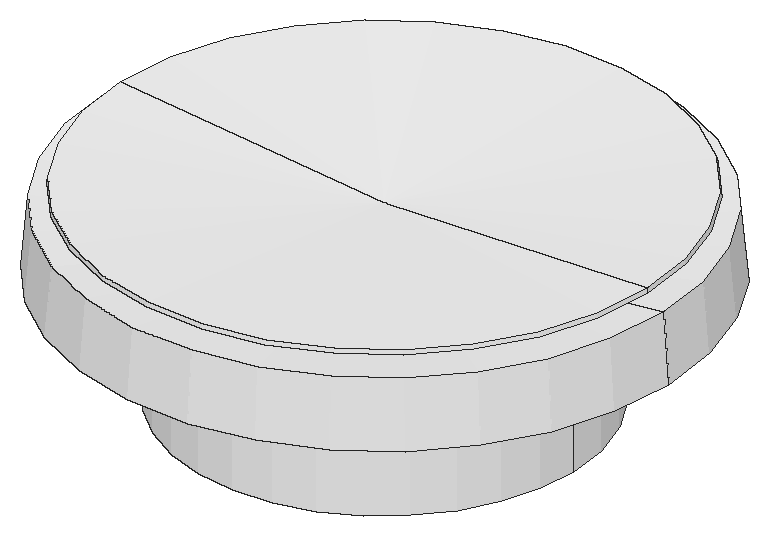
Revit family "CADS_AIRFLOWdev_Airvalve_PlasticAdjustable125mm_Supply", category Air Terminals, host Face, Revit 2015
Parameters (values of type "CADS_AIRFLOWdev_Airvalve_PlasticAdjustable125mm_Supply")
  WeeklyMaintenance = "N/A"
  WarrantyStartDate [instance] = "1900-12-31T23:59:187"
  WarrantyPeriod = "0"
  WarrantyIdentifier = "N/A"
  WarrantyGuarantorParts = "info@airflow.com"
  WarrantyGuarantorLabor = "info@airflow.com"
  WarrantyGuarantor = "Airflow Developments Ltd"
  WarrantyEndDate [instance] = "1900-12-31T23:59:187"
  WarrantyContent = "N/A"
  Uniclass2015 = "Pr_65_70_46_07"
  TemperatureRange = "up to 40°C"
  TagNumber [instance] = "N/A"
  SustainabilityPerformance = "N/A"
  Status = "New"
  Size = "60 x 180 x 180"
  ShippingWeight = 0.24 kg
  Shape = "Round"
  ServiceLifeType = "EXPECTEDSERVICELIFE"
  ServiceLifeDuration = "10"
  SerialNumber [instance] = "N/A"
  SAPApproval = yes
  RunID = "0"  # constant formula
  ReplacementCost = "19.872"
  RedDotDesignAward = no
  QuarterlyMaintenance = "N/A"
  Quantity = 1
  ProductionYear = "2017"
  ProductLiterature = "https://www.airflow.com/pdf/Accessories.pdf#page=13"
  PointOfContact = "Airflow Developments Ltd"
  PassiveHouseApproval = no
  NominalWidth = 180 mm
  NominalLength = 180 mm
  NominalHeight = 60 mm
  NBSCode = "90-75-50/370 Air terminals;"
  MonthlyMaintenance = "N/A"
  ModelReference [instance] = "90000339"
  ModelLabel [instance] = "Plastic Adjustable Air Valve Supply"
  Material = "Plastic"
  ManufacturerWebsite = "www.airflow.com"
  ManufacturerTelephone = "01494 525252"
  ManufacturerE-Mail = "info@airflow.com"
  ManufacturerAddress = "Aidelle House\nLancaster Road\nCressex Business Park\nHigh Wycombe\nBucks\nHP123QP"
  Manufacturer = "Airflow Developments Ltd"
  MaintenanceRequired8001to12000hrs = "N/A"
  MaintenanceRequired601to1000hrs = "N/A"
  MaintenanceRequired4001to8000hrs = "N/A"
  MaintenanceRequired301to600hrs = "N/A"
  MaintenanceRequired2001to4000hrs = "N/A"
  MaintenanceRequired1001to2000hrs = "N/A"
  MaintenanceRequired0to300hrs = "N/A"
  IsExtendedWarranty = no
  InstallationDate [instance] = "1900-12-31T23:59:187"
  ISO90001 = yes
  ISO140001 = yes
  GrossWeight = 0.20 kg
  Grade = "Virgin"
  GlobalTradeItemNumber [instance] = "5019009312965"
  Flow [instance] = 0.0 L/s
  Fitting Type = "Ignore"
  FireControlPanelLinks = no
  Finish = "Lacquer"
  Features = "Plastic Adjustable Air Valve Supply"
  ExpectedServiceLife = 10
  Exclusions = "N/A"
  DurationUnit = "Year"
  Default Elevation = 1219.2 mm
  DailyMaintenance = "N/A"
  Constituents = "Plastic Adjustable Air Valve Supply"
  Color = "White"
  CodePerformance = "N/A"
  CEApproval = yes
  CADS_Index = 0
  BespokeTimeFrameMaintenance = "N/A"
  AssetType = "FIXED"
  AssetIdentifier [instance] = "N/A"
  AssemblyPlace = "UNKNOWN"
  ArticleNumber [instance] = "N/A"
  AnnualMaintenance = "N/A"
  AccessibilityPerformance = "N/A"
  6MonthlyMaintenance = "Visually inspect system, clean the fan and ducting if necessary"
Types (2, lengths in mm): name | RedDotDesignAward | PassiveHouseApproval | NominalWidth | NominalLength | NominalHeight | IsExtendedWarranty | FireControlPanelLinks
  (no name) | yes | yes | 0 | 0 | 0 | yes | yes
  CADS_AIRFLOWdev_Airvalve_PlasticAdjustable125mm_Supply | no | no | 180 | 180 | 60 | no | no
Values of the unnamed type that differ from the named types
  WeeklyMaintenance = ""
  WarrantyStartDate = ""
  WarrantyPeriod = ""
  WarrantyIdentifier = ""
  WarrantyGuarantorParts = ""
  WarrantyGuarantorLabor = ""
  WarrantyGuarantor = ""
  WarrantyEndDate = ""
  WarrantyContent = ""
  Uniclass2015 = ""
  TemperatureRange = ""
  TagNumber = ""
  SustainabilityPerformance = ""
  Status = ""
  Size = ""
  ShippingWeight = 0.00 kg
  Shape = ""
  ServiceLifeType = ""
  ServiceLifeDuration = ""
  SerialNumber = ""
  ReplacementCost = ""
  QuarterlyMaintenance = ""
  Quantity = 0
  ProductionYear = ""
  ProductLiterature = ""
  PointOfContact = ""
  NBSCode = ""
  MonthlyMaintenance = ""
  ModelReference = ""
  ModelLabel = ""
  Material = ""
  ManufacturerWebsite = ""
  ManufacturerTelephone = ""
  ManufacturerE-Mail = ""
  ManufacturerAddress = ""
  MaintenanceRequired8001to12000hrs = ""
  MaintenanceRequired601to1000hrs = ""
  MaintenanceRequired4001to8000hrs = ""
  MaintenanceRequired301to600hrs = ""
  MaintenanceRequired2001to4000hrs = ""
  MaintenanceRequired1001to2000hrs = ""
  MaintenanceRequired0to300hrs = ""
  InstallationDate = ""
  GrossWeight = 0.00 kg
  Grade = ""
  GlobalTradeItemNumber = ""
  Fitting Type = ""
  Finish = ""
  Features = ""
  ExpectedServiceLife = 0
  Exclusions = ""
  DurationUnit = ""
  DailyMaintenance = ""
  Constituents = ""
  Color = ""
  CodePerformance = ""
  BespokeTimeFrameMaintenance = ""
  AssetType = ""
  AssetIdentifier = ""
  AssemblyPlace = ""
  ArticleNumber = ""
  AnnualMaintenance = ""
  AccessibilityPerformance = ""
  6MonthlyMaintenance = ""
Reference planes
  plane 1 "Center (Front/Back)": y = 0
  plane 2: z = 0
  plane 3 "Center (Left/Right)": x = 0
Forms (mm)
  Revolve 1, solid, material "CADS_AirFlow_White"
    sketch origin (0, 0, 0) x (1, 0, 0) y (0, 0, 1)
      loop
        line (-87.992, 0) -> (-86.445, 17.691) -> (-72.036, 15.953) -> (-60, 0) -> (-60, -35.098) -> (0, -35.098) -> (0, 20)
        arc (0, 20) -> (-41.677, 21.251) -> (-83.205, 25) r 694.805
        line (-83.205, 25) -> (-83.366, 23.663) -> (-81.777, 23.471) -> (-72.001, 18.052)
        arc (-72.001, 18.052) -> (-80.134, 18.94) -> (-88.257, 19.924) r 700.464
        line (-88.257, 19.924) -> (-90, 0) -> (-87.992, 0)
      axis (0, 25) -> (0, -35.098)
    angle from 0 to 360
  Extrusion 2, void
    sketch origin (0, 0, 0) x (1, 0, 0) y (0, 1, 0)
      loop
        circle (0, 0) r 72.036
    from 0 to -100
Dimensions and locks
  aligned and locked: plane 2 to host face
  aligned and locked: level to host face
Connectors
  hvac at (0, 0, 0), driven by "Flow"
    settings: on Revolve 1, index 1, duct flow 0.0 L/s, flow factor 0, pres drop 0.0 Pa, loss coef 0, conn angle 0.00°, conn width 304.8 mm, conn height 304.8 mm, conn diameter 125 mm, duct sys type 1, conn prof type 0, flow config 1, flow direction 1, loss method 0, conn ref index -1, conn util no, is conn primary yes, conn desc ""
